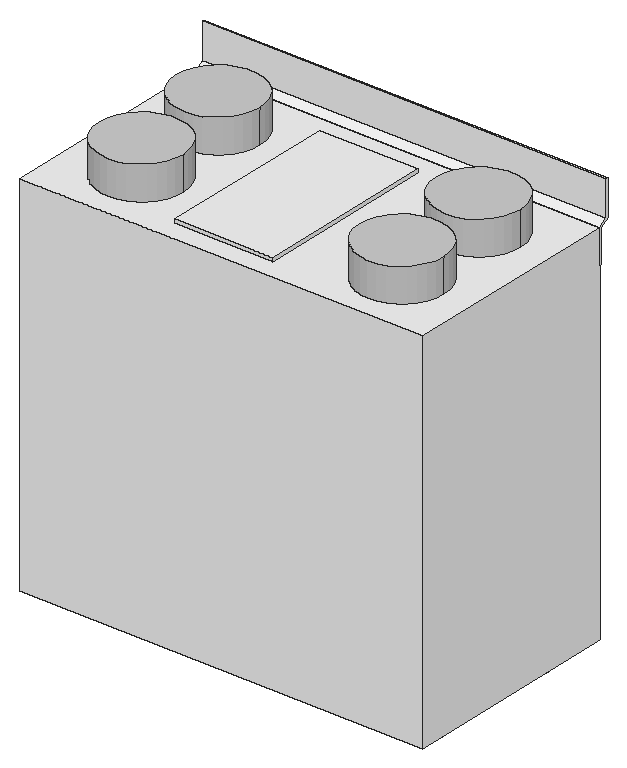
Revit family "BLAUBERG-KOMFORT_EC_S160_SB160", category Mechanical Equipment, Revit 2019
Family settings
  Round Connector Dimension = Use Diameter
  Classification = None
  Part Type = Normal
  OmniClass Number = 23.75.35.14
  OmniClass Title = Air Handling Units
  Work Plane-Based = No
  Always vertical = Yes
  Cut with Voids When Loaded = No
  Shared = No
  Room Calculation Point = No
Parameters (values of type "KOMFORT EC S160 S14")
  dLFeets = 45 mm
  dBFeets = 64 mm
  Weight = 34.00 kg
  Plastic Material = Polypropylene Black
  Leveling Feets Height Calc [instance] = if(Leveling Feets Height < 23 mm, 23 mm, Leveling Feets Height)  # 23 mm
  Leveling Feets Height [instance] = 23 mm
  L2 = 143 mm
  L1 = 388 mm
  Heat Exchanger Material = "polystyrene"
  HDuctCon = 50 mm  # constant formula
  H3 = 60 mm  # constant formula
  Front Maintenance Zone Width = H1  # 550 mm
  Front Maintenance Zone Length = L  # 600 mm
  ElConA = 280 mm
  ElBoxB = 270 mm
  ElBoxA = 146 mm
  DrainPipe = yes
  DrainConB = 164 mm
  BackFeetD = 20 mm  # constant formula
  B3 = 14 mm  # constant formula
  Air Flow Factor [instance] = 1  # constant formula
  Drain Flow [instance] = 0.0 L/s
  Ddrain = if(Drain Connection Diameter = 0 mm, 1 mm, Drain Connection Diameter)  # 18 mm
  B1 = 330 mm
  Air Flow Exhaust [instance] = 0 m³/h
  L = 600 mm
  Voltage = 230 V
  URL = "https://blaubergventilatoren.de/en/product/komfort-ec-s160-s14"
  Type Comments = "Air Handling Unit KOMFORT EC S160 S14"
  Transported Air Temperature (°C) = "–25 …+40"
  Supply Air Filter = "F7 (optionally G4)"
  Sound Pressure Level at 3 m (dBA) = 24
  SEC Class = "A+"
  RPM (min-1) = 3770
  Power Factor = 1
  Power = 57 W
  Number of Poles = 1
  Model = "KOMFORT EC S160 S14"
  Maximum Air Flow = 200 m³/h
  Manufacturer = "Blauberg"
  Maintenance Zone Material = Maintenance Zone
  Front Maintenance Zone Height = 600 mm
  Maintenance Zone [instance] = no
  Load Classification = HVAC
  B = 340 mm
  Heat recovery efficiency (%) = "85..93"
  Heat Exchanger Type = "counter-flow"
  H1 = 550 mm
  Metal Material = Metal Zinc
  Family Version = "1.0"  # constant formula
  Extract Air Filter = "G4"
  Duct Connection Diameter = 125 mm
  Drain Connection Diameter = 18 mm
  Description = "Air Handling Unit"
  D = Duct Connection Diameter  # 125 mm
  Current = 0.5 A
  Copyright = "©Blauberg"
  Casing Material = Painted Steel White
  Apparent Power [instance] = Power / Power Factor  # 57 VA
  Air Flow Supply [instance] = 0 m³/h
Types (8, lengths in mm): name | Weight | Heat Exchanger Material | Front Maintenance Zone Width | DrainPipe | Ddrain | URL | Type Comments | SEC Class | Model | Heat recovery efficiency (%) | H1 | Drain Connection Diameter
  KOMFORT EC S160 S21 | 34.00 kg | "polystyrene" | 550 | yes | 18 | "https://blaubergventilatoren.de/en/product/komfort-ec-s160-s21" | "Air Handling Unit KOMFORT EC S160 S21" | "A+" | "KOMFORT EC S160 S21" | "85..93" | 550 | 18
  KOMFORT EC S160 S14 | 34.00 kg | "polystyrene" | 550 | yes | 18 | "https://blaubergventilatoren.de/en/product/komfort-ec-s160-s14" | "Air Handling Unit KOMFORT EC S160 S14" | "A+" | "KOMFORT EC S160 S14" | "85..93" | 550 | 18
  KOMFORT EC S160-E S21 | 34.00 kg | "enthalpy" | 550 | no | 1 | "https://blaubergventilatoren.de/en/product/komfort-ec-s160-e-s21" | "Air Handling Unit KOMFORT EC S160-E S21" | "A" | "KOMFORT EC S160-E S21" | "76..92" | 550 | 0
  KOMFORT EC S160-E S14 | 34.00 kg | "enthalpy" | 550 | no | 1 | "https://blaubergventilatoren.de/en/product/komfort-ec-s160-e-s14" | "Air Handling Unit KOMFORT EC S160-E S14" | "A" | "KOMFORT EC S160-E S14" | "76..92" | 550 | 0
  KOMFORT EC SB160 S21 | 36.00 kg | "polystyrene" | 580 | yes | 18 | "https://blaubergventilatoren.de/en/product/komfort-ec-sb160-s21" | "Air Handling Unit KOMFORT EC S160-E S14" | "A+" | "KOMFORT EC S160-E S14" | "85..93" | 580 | 18
  KOMFORT EC SB160 S14 | 36.00 kg | "polystyrene" | 580 | yes | 18 | "https://blaubergventilatoren.de/en/product/komfort-ec-sb160-s14" | "Air Handling Unit KOMFORT EC SB160 S21" | "A+" | "KOMFORT EC SB160 S21" | "85..93" | 580 | 18
  KOMFORT EC SB160-E S21 | 36.00 kg | "enthalpy" | 580 | no | 1 | "https://blaubergventilatoren.de/en/product/komfort-ec-sb160-e-s21" | "Air Handling Unit KOMFORT EC SB160-E S21" | "A" | "KOMFORT EC SB160-E S21" | "76..92" | 580 | 0
  KOMFORT EC SB160-E S14 | 36.00 kg | "enthalpy" | 580 | no | 1 | "https://blaubergventilatoren.de/en/product/komfort-ec-sb160-e-s14" | "Air Handling Unit KOMFORT EC SB160 S14" | "A" | "KOMFORT EC SB160 S14" | "76..92" | 580 | 0
Reference planes
  plane 1 "Center (Front/Back)": y = 0
  plane 2: z = 0
  plane 3 "Center (Left/Right)": x = 0
  plane 4 "Right": x = 300
  plane 5 "Front": y = -344
  plane 6 "Left": x = -300
  plane 7 "Top": z = 573
  plane 8 "Back": y = -14
  plane 9 "DuctConL1": x = -194
  plane 10 "DrainConA2": x = 150
  plane 11 "DrainConB": y = -178
  plane 12 "DuctConL2": x = 194
  plane 13 "DuctConB1": y = -107.5
  plane 14 "DuctConB2": y = -250.5
  plane 15 "DuctConB3": z = 623
  plane 16 "DuctConB4": z = 633
  plane 17 "Bottom": z = 23
  plane 18 "FeetsL1": x = -255
  plane 19 "FeetsL2": x = 255
  plane 20 "FeetsB1": y = -78
  plane 21 "FeetsB2": y = -280
  plane 22: y = -179
  plane 23: y = -3
  plane 24: z = 583
  plane 25: y = -12
  plane 26: z = 523
  plane 27 "ElConA": x = -20
  plane 28 "BackFeetsH": z = 43
  plane 29: x = -93
  plane 30: x = 53
  plane 31: y = -44
  plane 32: y = -314
Forms (mm)
  Extrusion 1, solid, material "Polypropylene Black" <- "Plastic Material", visible <- "DrainPipe", detail levels medium+fine
    sketch origin (0, 0, 23) x (-1, 0, 0) y (0, -1, 0)
      loop
        circle (0, 178) r 9
    from 0 to -50
  Extrusion 2, solid, material "Painted Steel White" <- "Casing Material", detail levels medium+fine
    sketch origin (0, 0, 23) x (-1, 0, 0) y (0, -1, 0)
      loop
        line (300, 14) -> (300, 344) -> (-300, 344) -> (-300, 14) -> (300, 14)
    from 0 to 550
  Extrusion 3, solid, material "Metal Zinc" <- "Metal Material", detail levels medium+fine
    sketch origin (0, 0, 573) x (-1, 0, 0) y (0, -1, 0)
      loop
        circle (194, 107.5) r 62.5
      loop
        circle (194, 250.5) r 62.5
      loop
        circle (-194, 107.5) r 62.5
      loop
        circle (-194, 250.5) r 62.5
    from 0 to 50
  Extrusion 4, solid, material "Painted Steel White" <- "Casing Material", detail levels medium+fine
    sketch origin (-300, 0, 0) x (0, 1, 0) y (0, 0, 1)
      loop
        line (-3, 633) -> (-3, 580.857) -> (-14, 573) -> (-14, 523) -> (-12, 523) -> (-12, 571.971) -> (0, 580.542) -> (0, 633) -> (-3, 633)
    from 0 to 600
  Extrusion 5, solid, material "Polypropylene Black" <- "Plastic Material", detail levels medium+fine
    sketch origin (0, 0, 0) x (1, 0, 0) y (0, 0, 1)
      loop
        circle (255, 43) r 10
      loop
        circle (-255, 43) r 10
    from 0 to 14
  Extrusion 6, solid, material "Painted Steel White" <- "Casing Material", detail levels medium+fine
    sketch origin (0, 0, 573) x (-1, 0, 0) y (0, -1, 0)
      loop
        line (93, 44) -> (93, 314) -> (-53, 314) -> (-53, 44) -> (93, 44)
    from 0 to 5
Lines and regions (mm)
  model lines, detail levels coarse
    curve 1: line (-300, 0, 573) -> (300, 0, 573)
    curve 2: line (-300, -344, 573) -> (-300, 0, 573)
    curve 3: line (300, -344, 573) -> (-300, -344, 573)
    curve 4: line (300, 0, 573) -> (300, -344, 573)
    curve 5: line (-300, 0, 23) -> (300, 0, 23)
    curve 6: line (-300, -344, 23) -> (-300, 0, 23)
    curve 7: line (300, -344, 23) -> (-300, -344, 23)
    curve 8: line (300, 0, 23) -> (300, -344, 23)
    curve 9: line (-300, -344, 573) -> (300, -344, 573)
    curve 10: line (-300, -344, 23) -> (-300, -344, 573)
    curve 11: line (300, -344, 23) -> (-300, -344, 23)
    curve 12: line (300, -344, 573) -> (300, -344, 23)
    curve 13: line (-300, 0, 573) -> (300, 0, 573)
    curve 14: line (-300, 0, 23) -> (-300, 0, 573)
    curve 15: line (300, 0, 23) -> (-300, 0, 23)
    curve 16: line (300, 0, 573) -> (300, 0, 23)
    curve 17: line (-300, 0, 573) -> (-300, 0, 23)
    curve 18: line (-300, -344, 573) -> (-300, -344, 23)
    curve 19: line (300, -344, 573) -> (300, -344, 23)
    curve 20: line (300, 0, 573) -> (300, 0, 23)
    curve 21: line (-194, -107.5, 623) -> (-194, -107.5, 573)
    curve 22: line (-194, -250.5, 623) -> (-194, -250.5, 573)
    curve 23: line (194, -107.5, 623) -> (194, -107.5, 578)
    curve 24: line (194, -250.5, 623) -> (194, -250.5, 573)
Dimensions and locks
  "B1": plane 8 "Back" to plane 5 "Front"
  equal spacing: plane 6 "Left", plane 3 "Center (Left/Right)", plane 4 "Right"
  "L": plane 6 "Left" to plane 4 "Right"
  "dBFeets": plane 8 "Back" to plane 20 "FeetsB1"
  "dBFeets": plane 21 "FeetsB2" to plane 5 "Front"
  "dLFeets": plane 6 "Left" to plane 18 "FeetsL1"
  "dLFeets": plane 19 "FeetsL2" to plane 4 "Right"
  "Leveling Feets Height Calc": plane 17 "Bottom" to level
  "B3": plane 1 "Center (Front/Back)" to plane 8 "Back"
  equal spacing: plane 9 "DuctConL1", plane 3 "Center (Left/Right)", plane 12 "DuctConL2"
  "L1": plane 9 "DuctConL1" to plane 12 "DuctConL2"
  equal spacing: plane 8 "Back", plane 22, plane 5 "Front"
  equal spacing: plane 13 "DuctConB1", plane 22, plane 14 "DuctConB2"
  "L2": plane 13 "DuctConB1" to plane 14 "DuctConB2"
  "DrainConB": plane 8 "Back" to plane 11 "DrainConB"
  locked: plane 1 "Center (Front/Back)" to plane 23 at 3
  locked: plane 24 to plane 7 "Top" at 10
  locked: plane 25 to plane 8 "Back" at 2
  locked: plane 7 "Top" to plane 26 at 50
  "HDuctCon": plane 15 "DuctConB3" to plane 7 "Top"
  "H3": plane 16 "DuctConB4" to plane 7 "Top"
  "H1": plane 7 "Top" to plane 17 "Bottom"
  locked: Extrusion 4 sketch curve to Extrusion 4 sketch curve at 2
  locked: plane 28 "BackFeetsH" to plane 17 "Bottom" at 20
  equal spacing: plane 31, plane 22, plane 32
  "ElBoxB": plane 31 to plane 32
  equal spacing: plane 29, plane 27 "ElConA", plane 30
  "ElBoxA": plane 29 to plane 30
  "ElConA": plane 6 "Left" to plane 27 "ElConA"
  "Ddrain": diameter of Extrusion 1 sketch curve
  "D": diameter of Extrusion 3 sketch curve  (x4)
  "BackFeetD": diameter of Extrusion 5 sketch curve  (x2)
  aligned and locked: level to plane 2
  aligned and locked: plane 18 "FeetsL1" to nested 1
  aligned and locked: nested 1 to plane 20 "FeetsB1"
  aligned and locked: plane 19 "FeetsL2" to nested 2
  aligned and locked: nested 2 to plane 20 "FeetsB1"
  aligned and locked: nested 3 to plane 21 "FeetsB2"
  aligned and locked: plane 19 "FeetsL2" to nested 3
  aligned and locked: plane 18 "FeetsL1" to nested 4
  aligned and locked: nested 4 to plane 21 "FeetsB2"
  aligned and locked: Extrusion 2 sketch curve to plane 8 "Back"
  aligned and locked: plane 6 "Left" to Extrusion 2 sketch curve
  aligned and locked: plane 5 "Front" to Extrusion 2 sketch curve
  aligned and locked: Extrusion 2 sketch curve to plane 4 "Right"
  aligned and locked: plane 7 "Top" to Extrusion 2
  aligned and locked: plane 15 "DuctConB3" to Extrusion 3
  aligned and locked: plane 4 "Right" to Extrusion 4
  aligned and locked: Extrusion 5 to plane 8 "Back"
  aligned and locked: Extrusion 6 sketch curve to plane 31
  aligned and locked: plane 29 to Extrusion 6 sketch curve
  aligned and locked: plane 32 to Extrusion 6 sketch curve
  aligned and locked: Extrusion 6 sketch curve to plane 30
  aligned and locked: plane 3 "Center (Left/Right)" to nested 5
  aligned and locked: nested 5 to plane 7 "Top"
  aligned and locked: curve 1 to Extrusion 4
  aligned and locked: curve 2 to Extrusion 4
  aligned and locked: curve 3 to Extrusion 2
  aligned and locked: curve 4 to nested 5
  aligned and locked: curve 5 to curve 1
  aligned and locked: curve 6 to curve 2
  aligned and locked: curve 7 to curve 3
  aligned and locked: curve 8 to nested 5
  aligned and locked: curve 9 to curve 1
  aligned and locked: curve 10 to Extrusion 2
  aligned and locked: curve 11 to curve 5
  aligned and locked: curve 12 to Extrusion 2
  aligned and locked: curve 13 to curve 1
  aligned and locked: curve 14 to curve 10
  aligned and locked: curve 15 to curve 5
  aligned and locked: curve 16 to curve 12
  aligned and locked: plane 1 "Center (Front/Back)" to curve 17
  aligned and locked: curve 18 to plane 5 "Front"
  aligned and locked: curve 19 to plane 5 "Front"
  aligned and locked: plane 1 "Center (Front/Back)" to curve 20
  aligned and locked: curve 21 to plane 13 "DuctConB1"
  aligned and locked: curve 22 to plane 14 "DuctConB2"
  aligned and locked: plane 13 "DuctConB1" to curve 23
  aligned and locked: plane 14 "DuctConB2" to curve 24
  aligned and locked: plane 15 "DuctConB3" to curve 21
  aligned and locked: plane 15 "DuctConB3" to curve 23
  aligned and locked: plane 7 "Top" to curve 21
  aligned and locked: plane 7 "Top" to Extrusion 3
  aligned and locked: plane 15 "DuctConB3" to curve 24
  aligned and locked: plane 15 "DuctConB3" to curve 22
  aligned and locked: plane 7 "Top" to curve 22
  aligned and locked: plane 7 "Top" to curve 24
Automatic sketch dimensions
  Extrusion 4 sketch curve to plane 8 "Back" = 0 mm
  Extrusion 4 sketch curve to plane 25 = 0 mm
  Extrusion 4 sketch curve to plane 23 = 0 mm
  Extrusion 4 sketch curve to plane 1 "Center (Front/Back)" = 0 mm
  Extrusion 4 sketch curve to plane 26 = 0 mm
  Extrusion 4 sketch curve to plane 16 "DuctConB4" = 0 mm
  Extrusion 4 sketch curve to plane 7 "Top" = 1.029 mm
  Extrusion 4 sketch curve to Extrusion 4 sketch curve = 1.029 mm
  curve 17 to plane 17 "Bottom" = 0 mm
  curve 18 to plane 17 "Bottom" = 0 mm
  curve 18 to plane 7 "Top" = 0 mm
  curve 17 to plane 7 "Top" = 0 mm
  curve 19 to plane 17 "Bottom" = 0 mm
  curve 20 to plane 17 "Bottom" = 0 mm
  curve 20 to plane 7 "Top" = 0 mm
  curve 19 to plane 7 "Top" = 0 mm
  plane 7 "Top" to curve 23 = 5 mm
  Extrusion 1 sketch curve to plane 3 "Center (Left/Right)" = 0 mm
  Extrusion 1 sketch curve to plane 11 "DrainConB" = 0 mm
  Extrusion 3 sketch curve to plane 12 "DuctConL2" = 0 mm  (x2)
  Extrusion 3 sketch curve to plane 9 "DuctConL1" = 0 mm  (x2)
  Extrusion 3 sketch curve to plane 13 "DuctConB1" = 0 mm  (x2)
  Extrusion 3 sketch curve to plane 14 "DuctConB2" = 0 mm  (x2)
  Extrusion 5 sketch curve to plane 18 "FeetsL1" = 0 mm
  Extrusion 5 sketch curve to plane 19 "FeetsL2" = 0 mm
  Extrusion 5 sketch curve to plane 28 "BackFeetsH" = 0 mm  (x2)
Nested families
  nested 1: "LevellingFeet" at (-255, -78, 0), type "LevellingFeet", detail levels medium+fine
  nested 2: "LevellingFeet" at (255, -78, 0), type "LevellingFeet", detail levels medium+fine
  nested 3: "LevellingFeet" at (255, -280, 0), type "LevellingFeet", detail levels medium+fine
  nested 4: "LevellingFeet" at (-255, -280, 0), type "LevellingFeet", detail levels medium+fine
  nested 5: "MaintenanceZone_Rect" at (0, -344, 298) x (1, 0, 0) z (0, 1, 0), visible <- "Maintenance Zone", type "Front", detail levels medium+fine
    with Maintenance Zone Width 550 mm, Maintenance Zone Length 600 mm, Maintenance Zone Height 600 mm
Connectors
  piping at (0, -178, -27), diameter 18, driven by "Drain Connection Diameter", driven by "Drain Flow"
    settings: on Extrusion 1, index 1, connector inside diameter 609.6 mm, connector length 0 mm, flow factor 0, pipe flow 0.0 L/s, pressure drop 0.0 Pa, fitting loss kfactor 0, connector angle 0.00°, fixture units 0, engagement length 0 mm, angle of deflection 0.00°, flow configuration 1, flow direction 2, fitting loss method 0, system type 16, joint type 0, gender type 0, connector reference index -1, connector utility 0, adjustable connector no, is connector primary yes, connector description "Drain"
  electrical at (-20, -179, 578), driven by "Number of Poles", driven by "Load Classification", driven by "Voltage", driven by "Apparent Power", driven by "Power Factor"
    settings: on Extrusion 6, index 2, voltage 230 V, apparent load 57 VA, apparent load phase1 0 VA, apparent load phase2 0 VA, apparent load phase3 0 VA, power factor 1, load classification "HVAC", number of poles 1, system type 30, power factor state 1, is connector primary yes, connector utility no, sub classification motor no, connector description ""
  hvac at (-194, -107.5, 623), driven by "Duct Connection Diameter", driven by "Air Flow Exhaust"
    settings: on Extrusion 3, index 3, duct flow 0 m³/h, flow factor 0, pres drop 0.0 Pa, loss coef 0, conn angle 0.00°, conn width 304.8 mm, conn height 304.8 mm, conn diameter 125 mm, duct sys type 3, conn prof type 0, flow config 0, flow direction 1, loss method 0, conn ref index -1, conn util no, is conn primary yes, conn desc "Extract Air"
  hvac at (-194, -250.5, 623), driven by "Duct Connection Diameter", driven by "Air Flow Supply"
    settings: on Extrusion 3, index 4, duct flow 0 m³/h, flow factor 0, pres drop 0.0 Pa, loss coef 0, conn angle 0.00°, conn width 304.8 mm, conn height 304.8 mm, conn diameter 125 mm, duct sys type 1, conn prof type 0, flow config 0, flow direction 2, loss method 0, conn ref index -1, conn util no, is conn primary no, conn desc "Supply Air"
  hvac at (194, -107.5, 623), driven by "Duct Connection Diameter", driven by "Air Flow Exhaust"
    settings: on Extrusion 3, index 5, duct flow 0 m³/h, flow factor 0, pres drop 0.0 Pa, loss coef 0, conn angle 0.00°, conn width 304.8 mm, conn height 304.8 mm, conn diameter 125 mm, duct sys type 3, conn prof type 0, flow config 1, flow direction 2, loss method 0, conn ref index -1, conn util no, is conn primary no, conn desc "Exhaust Air"
  hvac at (194, -250.5, 623), driven by "Duct Connection Diameter", driven by "Air Flow Supply"
    settings: on Extrusion 3, index 6, duct flow 0 m³/h, flow factor 0, pres drop 0.0 Pa, loss coef 0, conn angle 0.00°, conn width 304.8 mm, conn height 304.8 mm, conn diameter 125 mm, duct sys type 1, conn prof type 0, flow config 1, flow direction 1, loss method 0, conn ref index -1, conn util no, is conn primary no, conn desc "Intake Air"
Definition of nested family "LevellingFeet"
  Parameters (values of type "LevellingFeet")
    r2 = d2 / 2  # 9 mm
    r1 = d1 / 2  # 12 mm
    h2 = 15 mm
    h1 = 6 mm
    d3 = 8 mm
    d2 = 18 mm
    d1 = 24 mm
    R = D / 2  # 20.5 mm
    Material = none
    H = 23 mm
    Default Elevation = 1219.2 mm
    D = 41 mm
  Reference planes
    plane 1 "Center (Front/Back)": y = 0
    plane 2: z = 0
    plane 3 "Center (Left/Right)": x = 0
    plane 4: z = 6
    plane 5: x = -9
    plane 6: x = -20.5
    plane 7: x = -12
    plane 8: z = 21
    plane 9: z = 23
  Forms (mm)
    Revolve 1, solid, material <- "Material"
      sketch origin (0, 0, 0) x (1, 0, 0) y (0, 0, 1)
        loop
          line (0, 21) -> (-9, 21) -> (-11.354, 9.228)
          arc (-11.354, 9.228) -> (-12.746, 6.91) -> (-15.292, 6) r 4.016
          line (-15.292, 6) -> (-18.541, 6)
          arc (-18.541, 6) -> (-19.926, 5.426) -> (-20.5, 4.041) r 1.959
          line (-20.5, 4.041) -> (-20.5, 0) -> (0, 0) -> (0, 21)
        axis (0, 21) -> (0, 0)
      angle from 0 to 360
    Extrusion 2, solid, material <- "Material"
      sketch origin (0, 0, 0) x (1, 0, 0) y (0, 1, 0)
        loop
          circle (0, 0) r 4
      from 23 to 6
  Cuts and joins
    joined: Revolve 1, Extrusion 2
  Dimensions and locks
    "r2": plane 3 "Center (Left/Right)" to plane 5
    "R": plane 3 "Center (Left/Right)" to plane 6
    "r1": plane 3 "Center (Left/Right)" to plane 7
    "h2": plane 8 to plane 4
    "h1": plane 4 to level
    "H": plane 9 to level
    "d3": diameter of Extrusion 2 sketch curve
    aligned and locked: level to plane 2
    aligned and locked: Revolve 1 sketch curve to plane 3 "Center (Left/Right)"
    aligned and locked: plane 8 to Revolve 1 sketch curve
    aligned and locked: Extrusion 2 to plane 4
    aligned and locked: plane 9 to Extrusion 2
    aligned and locked: cut or joined group of Revolve 1, Extrusion 2 to level
  Automatic sketch dimensions
    Revolve 1 sketch curve to level = 0 mm
    Revolve 1 sketch curve to plane 6 = 0 mm
    Revolve 1 sketch curve to plane 4 = 0 mm
    Revolve 1 sketch curve to plane 5 = 0 mm
    Revolve 1 sketch curve to plane 3 "Center (Left/Right)" = 0 mm
    plane 6 to Revolve 1 sketch curve = 1.959 mm
    Revolve 1 sketch curve to plane 7 = 3.292 mm
    plane 7 to Revolve 1 sketch curve = 0.646 mm
    plane 4 to Revolve 1 sketch curve = 3.228 mm
    Revolve 1 sketch curve to level = 336.045 mm
    plane 9 to Revolve 1 sketch curve = 2172.315 mm
    plane 1 "Center (Front/Back)" to Extrusion 2 sketch curve = 0 mm
    Extrusion 2 sketch curve to plane 3 "Center (Left/Right)" = 0 mm
Definition of nested family "MaintenanceZone_Rect"
  Parameters (values of type "MaintenanceZone_Rect")
    Maintenance Zone Width = 500 mm
    Material = none
    Maintenance Zone Length = 1000 mm
    Maintenance Zone Height = 300 mm
    Family Version = ""
    Default Elevation = 1219.2 mm
    Copyright = ""
  Reference planes
    plane 1 "Center (Front/Back)": y = 0
    plane 2: z = 0
    plane 3 "Center (Left/Right)": x = 0
    plane 4: x = -500
    plane 5: x = 500
    plane 6: y = 250
    plane 7: y = -250
    plane 8: z = -300
  Forms (mm)
    Extrusion 1, solid, material <- "Material", detail levels medium+fine
      sketch origin (0, 0, 0) x (1, 0, 0) y (0, 1, 0)
        loop
          line (-500, 250) -> (-500, -250) -> (500, -250) -> (500, 250) -> (-500, 250)
      from 0 to -300
  Lines and regions (mm)
    symbolic lines, detail levels medium+fine
      curve 1: line (-500, 0, 0) -> (500, 0, 0)
      curve 2: line (-500, 0, -300) -> (-500, 0, 0)
      curve 3: line (500, 0, -300) -> (-500, 0, -300)
      curve 4: line (500, 0, 0) -> (500, 0, -300)
      curve 5: line (0, 250, 0) -> (0, -250, 0)
      curve 6: line (0, 250, -300) -> (0, 250, 0)
      curve 7: line (0, -250, -300) -> (0, 250, -300)
      curve 8: line (0, -250, 0) -> (0, -250, -300)
      curve 9: line (-500, 250, 0) -> (500, 250, 0)
      curve 10: line (-500, -250, 0) -> (-500, 250, 0)
      curve 11: line (500, -250, 0) -> (-500, -250, 0)
      curve 12: line (500, 250, 0) -> (500, -250, 0)
  Dimensions and locks
    equal spacing: plane 6, plane 1 "Center (Front/Back)", plane 7
    equal spacing: plane 4, plane 3 "Center (Left/Right)", plane 5
    "Maintenance Zone Width": plane 6 to plane 7
    "Maintenance Zone Length": plane 4 to plane 5
    "Maintenance Zone Height": plane 2 to plane 8
    aligned and locked: level to plane 2
    aligned and locked: Extrusion 1 sketch curve to plane 6
    aligned and locked: plane 4 to Extrusion 1 sketch curve
    aligned and locked: plane 7 to Extrusion 1 sketch curve
    aligned and locked: Extrusion 1 sketch curve to plane 5
    aligned and locked: Extrusion 1 to plane 8
    aligned and locked: curve 1 to Extrusion 1
    aligned and locked: curve 2 to Extrusion 1
    aligned and locked: curve 3 to Extrusion 1
    aligned and locked: curve 4 to Extrusion 1
    aligned and locked: curve 5 to Extrusion 1
    aligned and locked: curve 6 to Extrusion 1
    aligned and locked: curve 7 to Extrusion 1
    aligned and locked: curve 8 to Extrusion 1
    aligned and locked: curve 9 to Extrusion 1
    aligned and locked: curve 10 to Extrusion 1
    aligned and locked: curve 11 to Extrusion 1
    aligned and locked: curve 12 to Extrusion 1
